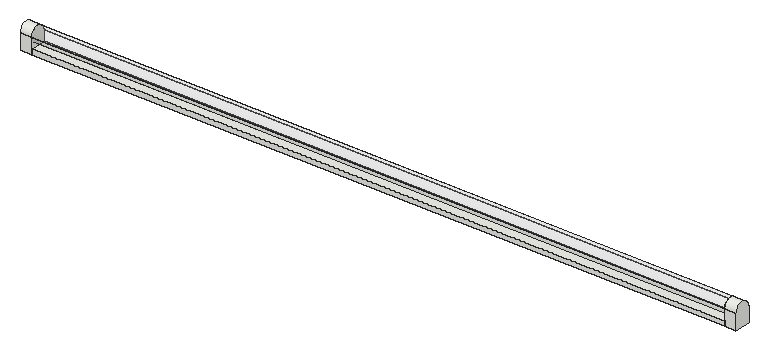
Revit family
Parameters (values of type "1200mm")
  Wattage = 40 W
  built-in parameter 1150110 = 1 (stored number, unit not read)
  built-in parameter 1114217 = 1 (stored number, unit not read)
  built-in parameter 1150109 = 1 (stored number, unit not read)
  built-in parameter 1150134 = 8
  built-in parameter 1150113 = 1 (stored number, unit not read)
  built-in parameter 1150115 = 1 (stored number, unit not read)
  built-in parameter 1150105 = 1002.7 (stored number, unit not read)
  Light Source Symbol Size = 609.6 mm
  built-in parameter 1150137 = (empty or 0)
  built-in parameter 1150139 = (empty or 0)
  조명 상자 = 금속 - 페인트 마감 - 아이보리색, 광택
  built-in parameter 1150112 = 1 (stored number, unit not read)
  built-in parameter 1150114 = 1 (stored number, unit not read)
  Lamp = "T-12"
  길이 = 1200 mm
  조명 입면도 = 2000 mm
  Lumens = 3150 lm
  Wattage Comments = "40"
  built-in parameter 1150132 = (empty or 0)
  built-in parameter 1150102 = (empty or 0)
  built-in parameter 1150138 = (empty or 0)
  built-in parameter 1150107 = 4230 (stored number, unit not read)
  built-in parameter 1150106 = 10.027 (stored number, unit not read)
  Emit from Line Length = 길이  # 1200 mm
  built-in parameter 1150104 = 7.3161 (stored number, unit not read)
  Dimming Lamp Color Temperature Shift = (empty or 0)
  디퓨저 = 유리 - 흰색, 높은 휘도
  Color Filter = 16777215
  built-in parameter 1114218 = 1 (stored number, unit not read)
  built-in parameter 1150133 = 10 (stored number, unit not read)
Types (3, lengths in mm): name | Wattage | built-in parameter 1150105 | Lamp | 길이 | Lumens | Wattage Comments | built-in parameter 1150106 | Emit from Line Length | built-in parameter 1150104
  (no name) | 40 W | 1002.7 (stored number, unit not read) | "T-12" | 1200 | 3150 lm | "40" | 10.027 (stored number, unit not read) | 1200 | 7.3161 (stored number, unit not read)
  1200mm | 40 W | 1002.7 (stored number, unit not read) | "T-12" | 1200 | 3150 lm | "40" | 10.027 (stored number, unit not read) | 1200 | 7.3161 (stored number, unit not read)
  0600mm | 17 W | 429.71 (stored number, unit not read) | "T-8" | 600 | 1349.97 lm | "17" | 4.2971 (stored number, unit not read) | 600 | 7.3774 (stored number, unit not read)
Reference planes
  plane 1 "광원 축": y = 0
  plane 2: z = 0
  plane 3 "광원 축": x = 0
  plane 4 "광원 입면도": z = 2025.4
  plane 5: x = -600
  plane 6: x = 600
  plane 7: x = 580.95
  plane 8: x = -580.95
  plane 9: z = 2000
Forms (mm)
  Sweep 1, solid, material "유리 - 흰색, 높은 휘도" <- "디퓨저"
    path origin (0, 0, 2025.4) x (0, -1, 0) y (1, 0, 0)
      loop
        line (0, -580.95) -> (0, 580.95)
    profile origin (0, 0, 2025.4) x (0, 1, 0) y (0, 0, 1)
      loop
        circle (0, 0) r 12.7
  Extrusion 2, solid, material "금속 - 페인트 마감 - 아이보리색, 광택" <- "조명 상자"
    sketch origin (-580.95, 0, 2666.5) x (0, 0, 1) y (0, 1, 0)
      loop
        line (-666.5, 12.7) -> (-666.5, -12.7) -> (-641.1, -12.7)
        arc (-641.1, -12.7) -> (-628.4, 0) -> (-641.1, 12.7) r 12.7
        line (-641.1, 12.7) -> (-666.5, 12.7)
    from 0 to 19.05
  Extrusion 3, solid, material "금속 - 페인트 마감 - 아이보리색, 광택" <- "조명 상자"
    sketch origin (580.95, 0, 2012.7) x (0, 1, 0) y (0, 0, 1)
      loop
        line (-12.7, -12.7) -> (12.7, -12.7) -> (12.7, 12.7)
        arc (12.7, 12.7) -> (0, 25.4) -> (-12.7, 12.7) r 12.7
        line (-12.7, 12.7) -> (-12.7, -12.7)
    from 0 to 19.05
  Extrusion 4, solid, material "금속 - 페인트 마감 - 아이보리색, 광택" <- "조명 상자"
    sketch origin (600, 0, 2012.7) x (0, 1, 0) y (0, 0, 1)
      loop
        line (12.7, -12.7) -> (12.7, -4.031) -> (-12.7, -4.031) -> (-12.7, -12.7) -> (12.7, -12.7)
    from -1180.95 to -19.05
Lines and regions (mm)
  symbolic lines
    curve 1: line (600, 12.7, 0) -> (-600, 12.7, 0)
    curve 2: line (600, -12.7, 0) -> (600, 12.7, 0)
    curve 3: line (-600, -12.7, 0) -> (600, -12.7, 0)
    curve 4: line (-600, 12.7, 0) -> (-600, -12.7, 0)
Dimensions and locks
  equal spacing: plane 5, plane 3 "광원 축", plane 6
  "길이": plane 5 to plane 6
  locked: plane 5 to plane 8 at 19.05
  locked: plane 7 to plane 6 at 19.05
  locked: plane 4 "광원 입면도" to plane 9 at 25.4
  "조명 입면도": plane 9 to plane 2
  aligned and locked: plane 8 to Sweep 1 sketch curve
  aligned and locked: plane 7 to Sweep 1 sketch curve
  aligned and locked: Extrusion 2 to Sweep 1
  aligned and locked: Extrusion 3 sketch curve to Sweep 1
  aligned and locked: Extrusion 3 to Sweep 1
  aligned and locked: Extrusion 3 to plane 6
  aligned and locked: Extrusion 4 sketch curve to Extrusion 2  (x3)
  aligned and locked: Extrusion 4 to Sweep 1
  aligned and locked: curve 1 to plane 6
  aligned and locked: curve 4 to Extrusion 2  (x2)
  aligned and locked: plane 9 to Extrusion 2
  aligned and locked: Extrusion 2 to plane 5
  aligned and locked: plane 1 "광원 축" to imposter light
  aligned and locked: plane 4 "광원 입면도" to imposter light
  aligned and locked: plane 5 to imposter light
  aligned and locked: plane 8 to Extrusion 4
  aligned and locked: Extrusion 4 to plane 7
Automatic sketch dimensions
  curve 1 to plane 1 "광원 축" = 12.7 mm
  Sweep 1 sketch curve to plane 1 "광원 축" = 0 mm
  Sweep 1 sketch curve to Sweep 1 sketch curve = 0 mm  (x2)
  Sweep 1 sketch curve to plane 4 "광원 입면도" = 0 mm
  Sweep 1 sketch curve to profile plane = 0 mm
  profile plane to Sweep 1 sketch curve = 12.7 mm
  Extrusion 2 sketch curve to Extrusion 2 sketch curve = 25.4 mm
  Extrusion 3 sketch curve to Extrusion 3 sketch curve = 25.4 mm
  Extrusion 4 sketch curve to Extrusion 3 = 8.669 mm
  radius of Extrusion 2 sketch curve to Sweep 1 = 0 mm
